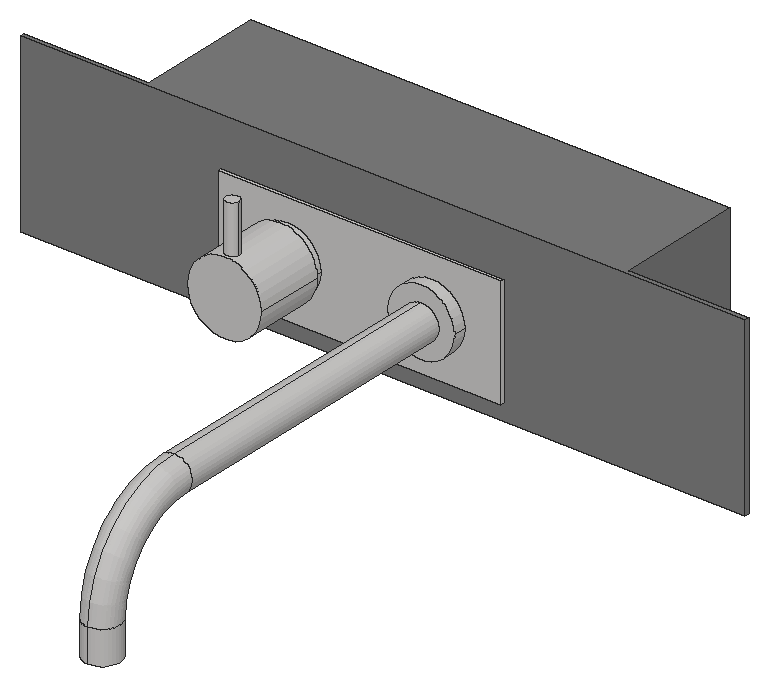
Revit family "922", category Plumbing Fixtures, Revit 2021
Family settings
  Round Connector Dimension = Use Diameter
  Part Type = Normal
  Work Plane-Based = No
  Always vertical = Yes
  Cut with Voids When Loaded = No
  Shared = No
  Room Calculation Point = No
Parameters
  e-mail = "info@vola.com"
  URL = "http://vola.com"
  Telephone = "+45 7023 5500"
  Quality management standard = "ISO 9001"
  Organisation no. / DUNS no. = "17531328"
  Occupational health and safety management standard = "ISO 18001"
  Mounting Instructions = "http://vola.com/service/producturl.ashx?name=922"
  Model = "922"
  Mixer Offset [instance] = 12.00 mm
  Mixer = yes
  Materials and components information = "http://vola.com/service/producturl.ashx?name=922"
  Manufacturer = "VOLA A/S"
  Maintenance Instructions = "http://vola.com/service/producturl.ashx?name=922"
  Guarantee = "2 years"
  Flow = "5,00 l/min"
  Environmental management standard = "ISO 14000"
  Default Elevation = 0.00 mm
  Connection - All relevant connections = "½\" for water connection"
  Approvals = "http://vola.com/service/producturl.ashx?name=922"
Reference planes
  plane 1 "Center (Front/Back)": y = 0
  plane 2: z = 0
  plane 3 "Center (Left/Right)": x = 0
  plane 4 "Mixer plane": y = 12
  plane 5 "Wall Surface": y = 0
Forms (mm)
  Extrusion 1, solid, material "Stainless Steel", visible <- "Mixer"
    sketch origin (-39, 12, -609.6) x (0, 0, -1) y (-1, 0, 0)
      loop
        circle (-609.6, 39) r 18
    from 0 to -12
  Extrusion 2, solid, material "Stainless Steel", visible <- "Mixer"
    sketch origin (-39, 12, -609.6) x (0, 0, -1) y (-1, 0, 0)
      loop
        circle (-609.6, -39) r 17
    from 0 to -12
Dimensions and locks
  "Mixer Offset": plane 4 "Mixer plane" to plane 1 "Center (Front/Back)"
  aligned and locked: plane 2 to level
  aligned and locked: nested 1 to plane 4 "Mixer plane"
  aligned and locked: plane 1 "Center (Front/Back)" to Extrusion 1
  aligned and locked: plane 1 "Center (Front/Back)" to Extrusion 2
Automatic sketch dimensions
  Extrusion 1 sketch curve to level = 0.00 mm
  Extrusion 1 sketch curve to plane 3 "Center (Left/Right)" = 78.00 mm
  Extrusion 2 sketch curve to level = 0.00 mm
  plane 3 "Center (Left/Right)" to Extrusion 2 sketch curve = 0.00 mm
  radius of Extrusion 1 sketch curve = 18.00 mm
  radius of Extrusion 2 sketch curve = 17.00 mm
Nested families
  nested 1: "900" at (-39, 83.5, -55), visible <- "Mixer", type "900"
  nested 2: "NR17" at (-78, -2, 0), type "NR17"
  nested 3: "020" at (0, -2, 0), type "020"
  nested 4: "002" at (-39, 0, 0) x (1, 0, 0) z (0, -1, 0), type "002"
Connectors
  piping at (-78, 60, -55), diameter 28
    settings: on nested 1, index 1, connector inside diameter 1.10236", connector length 0.00 mm, flow factor 0, pipe flow 0 GPM, pressure drop 0.00 psi, fitting loss kfactor 0, connector angle 0.00°, fixture units 0, engagement length 0.00 mm, angle of deflection 0.00°, flow configuration 0, flow direction 1, fitting loss method 0, system type 20, joint type 0, gender type 0, connector reference index -1, connector utility 0, adjustable connector no, is connector primary yes, connector description ""
Definition of nested family "900"
  Parameters
    e-mail = "info@vola.com"
    URL = "http://vola.com"
    Telephone = "+45 7023 5500"
    Quality management standard = "ISO 9001"
    Organisation no. / DUNS no. = "17531328"
    Occupational health and safety management standard = "ISO 18001"
    Mounting Instructions = "http://vola.com/service/producturl.ashx?name=900"
    Model = "900"
    Materials and components information = "http://vola.com/service/producturl.ashx?name=900"
    Manufacturer = "VOLA A/S"
    Maintenance Instructions = "http://vola.com/service/producturl.ashx?name=900"
    Guarantee = "2 years"
    Flow = "30,00 l/min"
    Environmental management standard = "ISO 14000"
    Default Elevation = 0.00 mm
    Connection - All relevant connections = ""
    Approvals = "http://vola.com/service/producturl.ashx?name=900"
  Reference planes
    plane 1 "Center (Front/Back)": y = 0
    plane 2: z = 0
    plane 3 "Center (Left/Right)": x = 0
    plane 4 "Inlet Center Plane": y = -23.5
    plane 5: z = 55
  Forms (mm)
    Extrusion 1, solid
      sketch origin (-27, 1.5, 7.5) x (0, 1, 0) y (1, 0, 0)
        loop
          circle (-25, -12) r 14
      from 0 to 7.5
    Extrusion 2, solid
      sketch origin (10, 0, -14) x (1, 0, 0) y (0, 1, 0)
        loop
          line (-137.5, 0) -> (-137.5, -69) -> (122.5, -69) -> (122.5, 0) -> (-137.5, 0)
      from 21.5 to 116.5
    Extrusion 3, solid
      sketch origin (10, -1, -14) x (1, 0, 0) y (0, 1, 0)
        loop
          line (-205, -68) -> (-205, -70.5) -> (187.5, -70.5) -> (187.5, -68) -> (-205, -68)
      from 21.5 to 116.5
  Cuts and joins
    joined: Extrusion 2, Extrusion 3
  Lines and regions (mm)
    reference lines
      curve 1: line (-39, -23.5, 55) -> (-39, -108.5, 55)
      curve 2: line (39, -23.5, 55) -> (39, -108.5, 55)
      curve 3: line (-39, -23.5, 55) -> (-39, -23.5, -44)
  Dimensions and locks
    aligned and locked: plane 2 to level
    aligned and locked: plane 5 to curve 3
    aligned and locked: Extrusion 2 to Extrusion 3
    aligned and locked: Extrusion 3 to Extrusion 2
Definition of nested family "NR17"
  Parameters
    e-mail = "info@vola.com"
    URL = "http://vola.com"
    Telephone = "+45 7023 5500"
    Quality management standard = "ISO 9001"
    Organisation no. / DUNS no. = "17531328"
    Occupational health and safety management standard = "ISO 18001"
    Mounting Instructions = "http://vola.com/service/producturl.ashx?name=NR17"
    Model = "NR17"
    Materials and components information = "http://vola.com/service/producturl.ashx?name=NR17"
    Manufacturer = "VOLA A/S"
    Maintenance Instructions = "http://vola.com/service/producturl.ashx?name=NR17"
    Guarantee = "2 years"
    Environmental management standard = "ISO 14000"
    Default Elevation = 0.00 mm
    Connection - All relevant connections = ""
    Approvals = "http://vola.com/service/producturl.ashx?name=NR17"
  Reference planes
    plane 1 "Center (Front/Back)": y = 0
    plane 2: z = 0
    plane 3 "Center (Left/Right)": x = 0
  Forms (mm)
    Extrusion 1, solid
      sketch origin (0, 0, 0) x (1, 0, 0) y (0, 0, 1)
        loop
          circle (0, 0) r 20
      from 5 to 42.5
    Extrusion 2, solid
      sketch origin (0, -2.75, 0) x (0, -1, 0) y (1, 0, 0)
        loop
          circle (34.5, 0) r 3.5
      from 19 to 45.5
    Extrusion 3, solid
      sketch origin (0, 0, 0) x (1, 0, 0) y (0, 0, 1)
        loop
          circle (0, 0) r 18
      from 0 to 5
  Cuts and joins
    joined: Extrusion 1, Extrusion 2
  Dimensions and locks
    aligned and locked: plane 2 to level
Definition of nested family "020"
  Parameters
    e-mail = "info@vola.com"
    URL = "http://vola.com"
    Telephone = "+45 7023 5500"
    Quality management standard = "ISO 9001"
    Organisation no. / DUNS no. = "17531328"
    Occupational health and safety management standard = "ISO 18001"
    Mounting Instructions = "http://vola.com/service/producturl.ashx?name=020"
    Model = "020"
    Materials and components information = "http://vola.com/service/producturl.ashx?name=020"
    Manufacturer = "VOLA A/S"
    Maintenance Instructions = "http://vola.com/service/producturl.ashx?name=020"
    Guarantee = "2 years"
    Environmental management standard = "ISO 14000"
    Default Elevation = 0.00 mm
    Connection - All relevant connections = ""
    Approvals = "http://vola.com/service/producturl.ashx?name=020"
  Reference planes
    plane 1 "Center (Front/Back)": y = 0
    plane 2: z = 0
    plane 3 "Center (Left/Right)": x = 0
  Forms (mm)
    Extrusion 1, solid
      sketch origin (0, 0, 0) x (1, 0, 0) y (0, 0, 1)
        loop
          circle (0, 0) r 18
      from 0 to 7
    Sweep 2, solid
      path origin (0, 0, 0) x (0, 1, 0) y (0, 0, 1)
        loop
          line (-7, 0) -> (-174, 0)
          arc (-174, 0) -> (-208.648, -14.352) -> (-223, -49) r 49
      profile origin (0, -208.648, -14.352) x (0, 0.707107, -0.707107) y (1, 0, 0)
        loop
          circle (0, 0) r 9.5
    Extrusion 3, solid
      sketch origin (0, -223, -49) x (0, -1, 0) y (-1, 0, 0)
        loop
          circle (0, 0) r 9.5
      from 0 to 18
  Dimensions and locks
    Sweep 2 sketch curve to plane 1 "Center (Front/Back)" = 223.00 mm
    aligned and locked: plane 2 to level
Definition of nested family "002"
  Parameters
    e-mail = "info@vola.com"
    URL = "http://vola.com"
    Telephone = "+45 7023 5500"
    Quality management standard = "ISO 9001"
    Organisation no. / DUNS no. = "17531328"
    Occupational health and safety management standard = "ISO 18001"
    Mounting Instructions = "http://vola.com/service/producturl.ashx?name=002"
    Model = "002"
    Materials and components information = "http://vola.com/service/producturl.ashx?name=002"
    Manufacturer = "VOLA A/S"
    Maintenance Instructions = "http://vola.com/service/producturl.ashx?name=002"
    Guarantee = "2 years"
    Environmental management standard = "ISO 14000"
    Default Elevation = 1219.20 mm
    Connection - All relevant connections = ""
    Approvals = "http://vola.com/service/producturl.ashx?name=002"
  Reference planes
    plane 1 "Center (Front/Back)": y = 0
    plane 2: z = 0
    plane 3 "Center (Left/Right)": x = 0
  Forms (mm)
    Extrusion 1, solid
      sketch origin (0, 0, 0) x (1, 0, 0) y (0, 1, 0)
        loop
          line (-76.5, 30) -> (-76.5, -30) -> (76.5, -30) -> (76.5, 30) -> (-76.5, 30)
        loop
          circle (39, 0) r 16.5
        loop
          circle (-39, 0) r 16.5
      from 0 to 2
  Dimensions and locks
    aligned and locked: plane 2 to level
